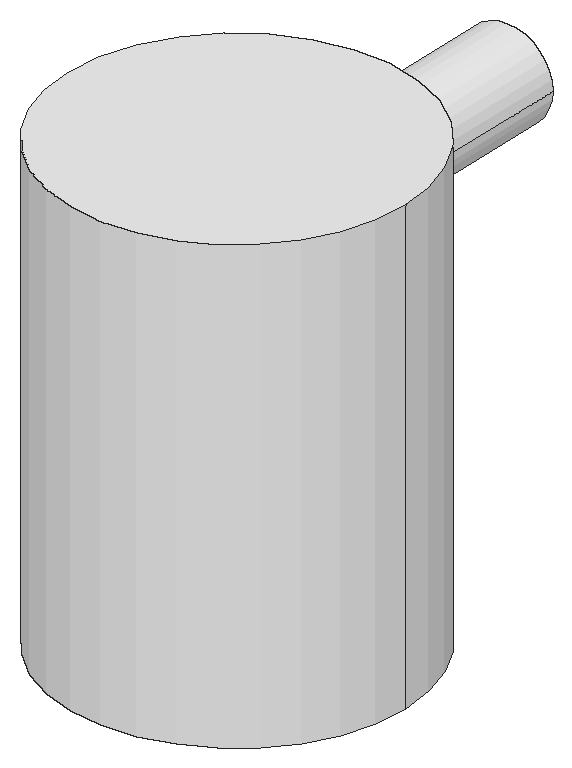
Revit family "CL60017-C_ROUND ROBE HOOK", category Specialty Equipment, host Face, Revit 2015
Parameters (values of type "ROUND ROBE HOOK CHROME")
  URL = "https://www.clark.com.au/"
  Model = "CL60017.C"
  Material_Base = GWA_Metal-Chrome
  Manufacturer = "GWA Bathrooms & Kitchens"  # constant formula
  Description = "ROUND ROBE HOOK CHROME"
  Default Elevation = 900 mm
  CreatedBy_ANZRS = "GWA Bathrooms & Kitchens"  # constant formula
  Assembly Code = "C1030200"
Types (3, lengths in mm): name | Model | Material_Base | Description
  (no name) | "CL60017.C" | GWA_Metal-Chrome | "ROUND ROBE HOOK CHROME"
  ROUND ROBE HOOK CHROME | "CL60017.C" | GWA_Metal-Chrome | "ROUND ROBE HOOK CHROME"
  ROUND ROBE HOOK BLACK | "CL60017.B" | GWA-Metal-Black | "ROUND ROBE HOOK BLACK"
Reference planes
  plane 1 "Center (Front/Back)": y = 0
  plane 2: z = 0
  plane 3 "Center (Left/Right)": x = 0
Forms (mm)
  Extrusion 1, solid, material "GWA_Metal-Chrome" <- "Material_Base"
    sketch origin (0, 0, 0) x (-1, 0, 0) y (0, -1, 0)
      loop
        circle (0, 0) r 15
    from 0 to 40
  Extrusion 2, solid, material "GWA_Metal-Chrome" <- "Material_Base"
    sketch origin (0, 0, 2.582) x (-1, 0, 0) y (0, 0, 1)
      loop
        circle (0, 29.418) r 4
    from 0 to 30
Lines and regions (mm)
  Masking region 1
    outline origin (0, 0, 40) x (1, 0, 0) y (0, 1, 0)
      loop
        arc (-15, 0) -> (0, -15) -> (15, 0) r 15
        arc (15, 0) -> (11.937, 9.083) -> (4, 14.457) r 15
        line (4, 14.457) -> (4, 30) -> (-4, 30) -> (-4, 14.457)
        arc (-4, 14.457) -> (-11.937, 9.083) -> (-15, 0) r 15
  Masking region 2
    outline origin (0, 0, 0) x (1, 0, 0) y (0, 0, 1)
      loop
        line (15, 40) -> (-15, 40) -> (-15, 0) -> (15, 0) -> (15, 40)
  Masking region 3
    outline origin (0, 0, 0) x (0, -1, 0) y (0, 0, -1)
      loop
        line (15, 0) -> (-15, 0) -> (-15, -28) -> (-30, -28) -> (-30, -36) -> (-15, -36) -> (-15, -40) -> (15, -40) -> (15, 0)
  symbolic lines
    curve 1: arc (4, 14.457, 40) -> (0, 15, 40) -> (-4, 14.457, 40) r 15
    curve 2: circle (0, 0, 32) r 4 normal (0, -1, 0)
    curve 3: line (0, 15, 36) -> (0, 15, 28)
Dimensions and locks
  aligned and locked: plane 2 to host face
  aligned and locked: level to host face
